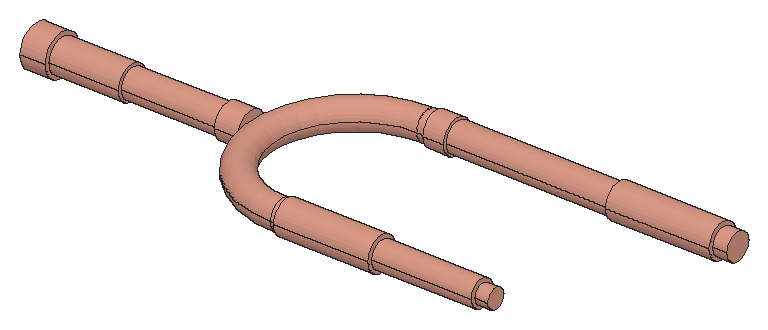
Revit family "outputfile", category 配管付属品, Revit 2024
Family settings
  丸型コネクタ寸法 = 半径を使用
  パーツ タイプ = 標準
  OmniClass 番号 = 23.65.55.00
  OmniClass タイトル = Distribution of Supplied Liquids/Gases
  作業面ベース = いいえ
  常に垂直 = はい
  ロード時にボイドで切り取り = いいえ
  共有 = いいえ
Parameters (values of type "KHRP24B72T")
  Description = ""
  製造元 = "Daikin"
  書き出し IFC クラス(タイプ) = "IfcPipeFittingType"
  定義済み IFC タイプ(タイプ) = "JUNCTION"
  Cost = 0
  Type Comments = ""
  Keynote = ""
  Type Image = (empty or 0)
  Assembly Code = ""
  switch_StraightPipe_Reducer2 [instance] = if(Is_StraightPipe Reducer = 1, 1 = 1, 1 = 0)  # no
  switch_StraightPipe1 [instance] = if(number_StraightPipe = 0, 1 = 0, 1 = 1)  # yes
  switch_Inlet pipe1 [instance] = if(number_InletPipe = 0, 1 = 0, 1 = 1)  # yes
  switch_BranchPipe1 [instance] = if(number_BranchPipe = 0, 1 = 0, 1 = 1)  # yes
  mm⇔inch [instance] = yes
  l_dividePipe2 [instance] = size_lookup(table_Inlet, "L_devidePipe2", 45.9 mm, モデル)  # 47.8 mm
  l_dividePipe0 = 5.63 mm
  l_StraightPipe000 [instance] = if(l_StraightPipe0 = 70.92 mm, l_StraightPipe00 + l_StraightPipe0, 0.0 mm)  # 0.0 mm
  l_StraightPipe00 = 9.19 mm  # constant formula
  l_InletPipe000 [instance] = if(l_InletPipe2 = 2.0 mm, 0.0 mm, l_InletPipe2)  # 11.0 mm
  l_InletPipe00 = 9.84 mm
  l_BranchPipe_Straight2 [instance] = size_lookup(table_BranchPipe, "L_offsetPipe2", 2.0 mm, モデル)  # 2.0 mm
  l_BranchPipe_Straight1 [instance] = size_lookup(table_BranchPipe, "L_offsetPipe1", 2.0 mm, モデル)  # 2.0 mm
  URL = ""
  O.D_OutletPipe [instance] = I.D_OutletPipe + 2.0 mm  # 12.7 mm
  I.D_InletPipe00 = 12.8 mm
  既定の高さ = 0.0 mm
  モデル = "KHRP24B72T"
  table_StraightPipe [instance] = if(mm⇔inch, "Refnet Joint_KHRP24B-T_Liquid_StraightPipe", "Refnet Joint_KHRP24B-T_Liquid_StraightPipe_inch")  # "Refnet Joint_KHRP24B-T_Liquid_StraightPipe"
  table_BranchPipe [instance] = if(mm⇔inch, "Refnet Joint_KHRP24B-T_Liquid_BranchPipe", "Refnet Joint_KHRP24B-T_Liquid_BranchPipe_inch")  # "Refnet Joint_KHRP24B-T_Liquid_BranchPipe"
  table_Inlet [instance] = if(mm⇔inch, "Refnet Joint_KHRP24B-T_Liquid_Inlet", "Refnet Joint_KHRP24B-T_Liquid_Inlet_inch")  # "Refnet Joint_KHRP24B-T_Liquid_Inlet"
  switch_StraightPipe_Reducer1 [instance] = StraightPipe_Liquid_ActualDiameter = 25.4 mm  # no
  switch_StraightPipe3 [instance] = if(number_StraightPipe = 3, 1 = 1, 1 = 0)  # yes
  switch_StraightPipe2 [instance] = if(number_StraightPipe < 2, 1 = 0, 1 = 1)  # yes
  switch_BranchPipe_Reducer [instance] = if(Is_BranchPipe Reducer = 1, 1 = 1, 1 = 0)  # no
  switch_BranchPipe3 [instance] = if(number_BranchPipe = 3, 1 = 1, 1 = 0)  # yes
  switch_BranchPipe2 [instance] = if(number_BranchPipe < 2, 1 = 0, 1 = 1)  # yes
  switch_Inlet pipe_Reducer [instance] = if(Is_Inlet Reducer = 1, 1 = 1, 1 = 0)  # no
  switch_Inlet pipe3 [instance] = if(number_InletPipe = 3, 1 = 1, 1 = 0)  # no
  switch_Inlet pipe2 [instance] = if(number_InletPipe < 2, 1 = 0, 1 = 1)  # yes
  Uniclass2015Version = "Products v1.31"
  Uniclass2015Title = "Copper pipe fittings"
  Uniclass2015Code = "Pr_65_52_63_18"
  StraightPipe_Liquid_ActualDiameter [instance] = 9.5 mm
  Material_Piping = DAIKIN_Copper_Pipe
  Material_Insulation = DAIKIN_White_Insulation
  lw_Insulation [instance] = size_lookup(table_Inlet, "lw_Insulation", 57.3 mm, モデル)  # 56.87 mm
  Unit Type = "KHRP24B-T_Liquid"
  Tag No. [instance] = ""
  StraightPipe_Liquid_Status [instance] = size_lookup(table_StraightPipe, "Information", "The connected pipe size is not available.", モデル, StraightPipe_Liquid_ActualDiameter)  # "Default connector size is used."
  Link_Nested Family [instance] = ""
  Inlet_Liquid_Actual Diameter [instance] = 15.9 mm
  IfcVersion = ""
  IfcExportType = "JUNCTION"
  IfcExportAs = "IfcPipeFittingType"
  BranchPipe_Liquid_Status [instance] = size_lookup(table_BranchPipe, "Information", "The connected pipe size is not available.", モデル, BranchPipe_Liquid_ActualDiameter)  # "Default connector size is used."
  Inlet_Liquid_Status [instance] = size_lookup(table_Inlet, "Information", "The connected pipe size is not available.", モデル, Inlet_Liquid_Actual Diameter)  # "Default connector size is used."
  Series = "Refnet Joint"
  r_StraightPipe_Connector [instance] = StraightPipe_Liquid_ActualDiameter / 2  # 4.75 mm
  r_BranchPipe_Connector [instance] = BranchPipe_Liquid_ActualDiameter / 2  # 3.2 mm
  r_Inlet_Connector [instance] = Inlet_Liquid_Actual Diameter / 2  # 7.95 mm
  number_StraightPipe [instance] = size_lookup(table_StraightPipe, "pipeNumber", 2, モデル, StraightPipe_Liquid_ActualDiameter)  # 3
  number_BranchPipe [instance] = size_lookup(table_BranchPipe, "pipeNumber", 2, モデル, BranchPipe_Liquid_ActualDiameter)  # 3
  number_InletPipe [instance] = size_lookup(table_Inlet, "pipeNumber", 1, モデル, Inlet_Liquid_Actual Diameter)  # 2
  l_BranchPipe connector [instance] = size_lookup(table_BranchPipe, "Length", 51.5 mm, モデル, BranchPipe_Liquid_ActualDiameter)  # 91.37 mm
  l_inlet connector [instance] = size_lookup(table_Inlet, "Length", 46.7 mm, モデル, Inlet_Liquid_Actual Diameter)  # 93.83 mm
  l_dividePipe1 [instance] = size_lookup(table_Inlet, "L_devidePipe1", 86.2 mm, モデル)  # 49.17 mm
  l_StraightPipeReducer [instance] = size_lookup(table_StraightPipe, "L_Reducer", 2.0 mm, モデル, StraightPipe_Liquid_ActualDiameter)  # 2.0 mm
  l_StraightPipe3 [instance] = size_lookup(table_StraightPipe, "L_Pipe3", 2.0 mm, モデル)  # 6.6 mm
  l_StraightPipe2 [instance] = size_lookup(table_StraightPipe, "L_Pipe2", 6.0 mm, モデル)  # 45.3 mm
  l_StraightPipe1 [instance] = size_lookup(table_StraightPipe, "L_Pipe1", 45.2 mm, モデル)  # 71.0 mm
  l_StraightPipe0 [instance] = size_lookup(table_StraightPipe, "L_Pipe0", 2.0 mm, モデル)  # 9.1 mm
  l_StraightPipe connector [instance] = size_lookup(table_StraightPipe, "Length", 51.2 mm, モデル, StraightPipe_Liquid_ActualDiameter)  # 132.0 mm
  l_BranchPipe Reducer [instance] = size_lookup(table_BranchPipe, "L_Reducer", 2.0 mm, モデル, BranchPipe_Liquid_ActualDiameter)  # 2.0 mm
  l_BranchPipe3 [instance] = size_lookup(table_BranchPipe, "L_Pipe3", 2.0 mm, モデル)  # 6.0 mm
  l_BranchPipe2 [instance] = size_lookup(table_BranchPipe, "L_Pipe2", 6.0 mm, モデル)  # 44.0 mm
  l_BranchPipe1 [instance] = size_lookup(table_BranchPipe, "L_Pipe1", 45.5 mm, モデル)  # 41.37 mm
  l_BranchPipe0 [instance] = size_lookup(table_BranchPipe, "L_Pipe0", 2.0 mm, モデル)  # 2.0 mm
  l_InletReducer [instance] = size_lookup(table_Inlet, "L_Reducer", 2.0 mm, モデル, Inlet_Liquid_Actual Diameter)  # 2.0 mm
  l_InletPipe3 [instance] = size_lookup(table_Inlet, "L_Pipe3", 2.0 mm, モデル)  # 2.0 mm
  l_InletPipe2 [instance] = size_lookup(table_Inlet, "L_Pipe2", 2.0 mm, モデル)  # 11.0 mm
  l_InletPipe1 [instance] = size_lookup(table_Inlet, "L_Pipe1", 8.2 mm, モデル)  # 30.89 mm
  l_InletPipe0 [instance] = size_lookup(table_Inlet, "L_Pipe0", 29.8 mm, モデル)  # 42.1 mm
  center_StraightPipe [instance] = size_lookup(table_StraightPipe, "center_Pipe", 40.0 mm, モデル)  # 40.0 mm
  center_BranchPipe [instance] = size_lookup(table_BranchPipe, "center_OffsetPipe", 40.0 mm, モデル)  # 40.0 mm
  StraightPipe_Liquid_AvailableDiameter [instance] = size_lookup(table_StraightPipe, "sizeVariation", "", モデル)  # "9.5/12.7/15.9mm"
  BranchPipe_Liquid_AvailableDiameter [instance] = size_lookup(table_BranchPipe, "sizeVariation", "", モデル)  # "6.4/9.5/12.7mm"
  Inlet_Liquid_Available Diameter [instance] = size_lookup(table_Inlet, "sizeVariation", "", モデル)  # "12.7/15.9/19.1mm"
  O.D_StraightPipe Reducer [instance] = size_lookup(table_StraightPipe, "O.D_reducer", 2.0 mm, モデル, StraightPipe_Liquid_ActualDiameter)  # 2.0 mm
  O.D_Offset Outlet Reducer [instance] = size_lookup(table_BranchPipe, "O.D_reducer", 2.0 mm, モデル, BranchPipe_Liquid_ActualDiameter)  # 2.0 mm
  O.D_Inlet Reducer [instance] = size_lookup(table_Inlet, "O.D_reducer", 2.0 mm, モデル, Inlet_Liquid_Actual Diameter)  # 2.0 mm
  Is_StraightPipe Reducer [instance] = size_lookup(table_StraightPipe, "IsReducer", 0, モデル, StraightPipe_Liquid_ActualDiameter)  # 0
  Is_BranchPipe Reducer [instance] = size_lookup(table_BranchPipe, "IsReducer", 0, モデル, BranchPipe_Liquid_ActualDiameter)  # 0
  Is_Inlet Reducer [instance] = size_lookup(table_Inlet, "IsReducer", 0, モデル, Inlet_Liquid_Actual Diameter)  # 0
  BranchPipe_Liquid_ActualDiameter [instance] = 6.4 mm
  Attach_Insulation [instance] = no
  I.D_StraightPipe3 [instance] = size_lookup(table_StraightPipe, "I.D_PipeSize3", 2.0 mm, モデル)  # 9.5 mm
  I.D_StraightPipe2 [instance] = size_lookup(table_StraightPipe, "I.D_PipeSize2", 6.4 mm, モデル)  # 12.7 mm
  I.D_StraightPipe1 [instance] = size_lookup(table_StraightPipe, "I.D_PipeSize1", 9.5 mm, モデル)  # 10.7 mm
  I.D_StraightPipe0 [instance] = size_lookup(table_StraightPipe, "I.D_PipeSize0", 2.0 mm, モデル)  # 12.4 mm
  I.D_BranchPipe3 [instance] = size_lookup(table_BranchPipe, "I.D_PipeSize3", 2.0 mm, モデル)  # 6.4 mm
  I.D_BranchPipe2 [instance] = size_lookup(table_BranchPipe, "I.D_PipeSize2", 6.4 mm, モデル)  # 9.5 mm
  I.D_BranchPipe1 [instance] = size_lookup(table_BranchPipe, "I.D_PipeSize1", 9.5 mm, モデル)  # 12.7 mm
  I.D_BranchPipe0 [instance] = size_lookup(table_BranchPipe, "I.D_PipeSize0", 2.0 mm, モデル)  # 2.0 mm
  I.D_Straight Reducer [instance] = size_lookup(table_StraightPipe, "I.D_reducer", 2.0 mm, モデル, StraightPipe_Liquid_ActualDiameter)  # 2.0 mm
  I.D_OutletPipe [instance] = size_lookup(table_Inlet, "I.D_OutletPipeSize", 7.5 mm, モデル, Inlet_Liquid_Actual Diameter)  # 10.7 mm
  I.D_Branch Reducer [instance] = size_lookup(table_BranchPipe, "I.D_reducer", 2.0 mm, モデル, BranchPipe_Liquid_ActualDiameter)  # 2.0 mm
  I.D_Inlet Reducer [instance] = size_lookup(table_Inlet, "I.D_reducer", 2.0 mm, モデル, Inlet_Liquid_Actual Diameter)  # 2.0 mm
  I.D_InletPipe3 [instance] = size_lookup(table_Inlet, "I.D_PipeSize3", 2.0 mm, モデル)  # 2.0 mm
  I.D_InletPipe2 [instance] = size_lookup(table_Inlet, "I.D_PipeSize2", 2.0 mm, モデル)  # 15.9 mm
  I.D_InletPipe1 [instance] = size_lookup(table_Inlet, "I.D_PipeSize1", 9.5 mm, モデル)  # 12.7 mm
  I.D_InletPipe0 [instance] = size_lookup(table_Inlet, "I.D_PipeSize0", 7.5 mm, モデル)  # 10.7 mm
Reference planes
  plane 1 "Center (Front/Back)": y = 0
  plane 2: z = 0
  plane 3 "base_left": x = 0
  plane 4: x = 43.19
  plane 5: x = 85.29
  plane 6: x = 95.13
  plane 7 "l_dividePipe1": x = 144.3
  plane 8 "center_straight outlet": y = 40
  plane 9 "center2_offset outlet": y = -40
  plane 10: x = 276.3
  plane 11: x = 153.4
  plane 12: x = 224.4
  plane 13: x = 184.3
  plane 14: x = 228.3
  plane 15: x = 269.7
  plane 16: x = 234.3
  plane 17 "Reducer_straightoutlet": x = 234.3
  plane 18 "connector": x = 276.3
  plane 19 "Inlet_connector": x = 1.3
  plane 20 "Left_Insulation": x = 38.26
  plane 21: x = 100.76
  plane 22 "l_dividePipe2": x = 142.93
  plane 23: x = 140.76
  plane 24 "2": x = 12.3
  plane 25: x = 129.01
  plane 26: x = 1.3
Forms (mm)
  Sweep 1, solid, material "DAIKIN_Copper_Pipe" <- "Material_Piping"
    path origin (0, 0, 0) x (1, 0, 0) y (0, 1, 0)
      loop
        line (142.93, -40) -> (140.76, -40)
        arc (140.76, -40) -> (100.76, 0) -> (140.76, 40) r 40
        line (140.76, 40) -> (144.3, 40)
    profile origin (142.53, 40, 0) x (0, 1, 0) y (0, 0, 1)
      loop
        circle (0, 0) r 6.35
Dimensions and locks
  "l_InletPipe1": plane 24 "2" to plane 4
  "l_InletPipe0": plane 4 to plane 5
  "l_InletPipe00": plane 5 to plane 6
  "center_StraightPipe": plane 1 "Center (Front/Back)" to plane 8 "center_straight outlet"
  "center_BranchPipe": plane 9 "center2_offset outlet" to plane 1 "Center (Front/Back)"
  "l_dividePipe1": plane 6 to plane 7 "l_dividePipe1"
  "l_BranchPipe2": plane 13 to plane 14
  "l_StraightPipe1": plane 11 to plane 12
  "l_StraightPipe2": plane 12 to plane 15
  "l_BranchPipe3": plane 14 to plane 16
  "l_BranchPipe connector": plane 22 "l_dividePipe2" to plane 17 "Reducer_straightoutlet"
  "l_StraightPipe connector": plane 7 "l_dividePipe1" to plane 18 "connector"
  "l_inlet connector": plane 19 "Inlet_connector" to plane 6
  "lw_Insulation": plane 20 "Left_Insulation" to plane 6
  "l_dividePipe0": plane 6 to plane 21
  "l_dividePipe2": plane 6 to plane 22 "l_dividePipe2"
  "l_BranchPipe1": plane 22 "l_dividePipe2" to plane 13
  "center_StraightPipe": plane 21 to plane 23
  "l_InletPipe2": plane 26 to plane 24 "2"
  "l_StraightPipe0": plane 7 "l_dividePipe1" to plane 11
  "l_StraightPipe3": plane 15 to plane 10
  "center_StraightPipe": radius of Sweep 1 sketch curve
  "O.D_OutletPipe": diameter of Sweep 1 sketch curve
  aligned and locked: level to plane 2
  aligned and locked: plane 6 to nested 1
  aligned and locked: plane 1 "Center (Front/Back)" to nested 1
  aligned and locked: plane 8 "center_straight outlet" to nested 2
  aligned and locked: nested 2 to plane 7 "l_dividePipe1"
  aligned and locked: plane 9 "center2_offset outlet" to nested 3
  aligned and locked: nested 4 to plane 1 "Center (Front/Back)"
  aligned and locked: nested 5 to plane 9 "center2_offset outlet"
  aligned and locked: plane 18 "connector" to nested 6
  aligned and locked: nested 6 to plane 8 "center_straight outlet"
  aligned and locked: nested 4 to plane 19 "Inlet_connector"
  aligned and locked: plane 17 "Reducer_straightoutlet" to nested 5
  aligned and locked: plane 1 "Center (Front/Back)" to nested 7
  aligned and locked: plane 20 "Left_Insulation" to nested 7
  aligned and locked: plane 1 "Center (Front/Back)" to Sweep 1 sketch curve
  aligned and locked: plane 7 "l_dividePipe1" to Sweep 1 sketch curve
  aligned and locked: plane 23 to Sweep 1 sketch curve
  aligned and locked: plane 22 "l_dividePipe2" to nested 3
  aligned and locked: nested 8 to plane 8 "center_straight outlet"
  aligned and locked: plane 25 to nested 8
  aligned and locked: plane 22 "l_dividePipe2" to Sweep 1 sketch curve
  aligned and locked: nested 9 to plane 6
  aligned and locked: plane 1 "Center (Front/Back)" to nested 9
  aligned and locked: nested 9 to plane 5
  aligned and locked: plane 2 to nested 9
  aligned and locked: plane 1 "Center (Front/Back)" to nested 10
  aligned and locked: nested 10 to plane 5
  aligned and locked: plane 4 to nested 10
  aligned and locked: plane 1 "Center (Front/Back)" to nested 11
  aligned and locked: plane 4 to nested 11
  aligned and locked: plane 24 "2" to nested 11
  aligned and locked: plane 24 "2" to nested 12
  aligned and locked: plane 1 "Center (Front/Back)" to nested 12
  aligned and locked: plane 26 to nested 12
  aligned and locked: nested 13 to plane 9 "center2_offset outlet"
  aligned and locked: plane 22 "l_dividePipe2" to nested 13
  aligned and locked: plane 13 to nested 13
  aligned and locked: nested 14 to plane 9 "center2_offset outlet"
  aligned and locked: plane 13 to nested 14
  aligned and locked: plane 14 to nested 14
  aligned and locked: nested 15 to plane 9 "center2_offset outlet"
  aligned and locked: plane 16 to nested 15
  aligned and locked: plane 14 to nested 15
  aligned and locked: nested 16 to plane 8 "center_straight outlet"
  aligned and locked: nested 16 to plane 7 "l_dividePipe1"
  aligned and locked: plane 11 to nested 16
  aligned and locked: nested 17 to plane 8 "center_straight outlet"
  aligned and locked: plane 11 to nested 17
  aligned and locked: plane 12 to nested 17
  aligned and locked: plane 12 to nested 18
  aligned and locked: nested 18 to plane 8 "center_straight outlet"
  aligned and locked: plane 15 to nested 18
  aligned and locked: nested 19 to plane 8 "center_straight outlet"
  aligned and locked: plane 15 to nested 19
  aligned and locked: plane 10 to nested 19
Automatic sketch dimensions
  Sweep 1 sketch curve to level = 0.0 mm
  Sweep 1 sketch curve to profile plane = 0.0 mm
Nested families
  nested 1: "daikin_connector_rotate2" at (95.13, 0, 0) x (0, -1, 0) z (0, 0, 1), length <- "l_inlet connector", type "daikin_connector_rotate2"
    with radius 5.0 mm, length 93.83 mm, angle_vertical 90.00°, show_face no, locaton_mark no
  nested 2: "daikin_connector_rotate2" at (144.3, 40, 0) x (0, 1, 0) z (0, 0, 1), length <- "l_StraightPipe connector", type "daikin_connector_rotate2"
    with radius 5.0 mm, length 132.0 mm, angle_vertical 90.00°, show_face no, locaton_mark no
  nested 3: "daikin_connector_rotate2" at (142.93, -40, 0) x (0, 1, 0) z (0, 0, 1), length <- "l_BranchPipe connector", type "daikin_connector_rotate2"
    with radius 5.0 mm, length 91.37 mm, angle_vertical 90.00°, show_face no, locaton_mark no
  nested 4: "daikin_Pipe_reducer" at (2.3, 0, 0) x (-1, 0, 0) z (0, 0, 1), display <- "switch_Inlet pipe_Reducer", length_Pipe <- "l_InletReducer", I.D_Pipe1 <- "I.D_Inlet Reducer", O.D_Pipe2 <- "O.D_Inlet Reducer", type "*"
    with length_Pipe 2.0 mm, display no, O.D_Pipe2 2.0 mm, O.D_Pipe1 4.0 mm, I.D_Pipe2 0.0 mm, I.D_Pipe1 2.0 mm
  nested 5: "daikin_Pipe_reducer" at (233.3, -40, 0), I.D_Pipe1 <- "I.D_Branch Reducer", O.D_Pipe2 <- "O.D_Offset Outlet Reducer", length_Pipe <- "l_BranchPipe Reducer", display <- "switch_BranchPipe_Reducer", type "*"
    with length_Pipe 2.0 mm, display no, O.D_Pipe2 2.0 mm, O.D_Pipe1 4.0 mm, I.D_Pipe2 0.0 mm, I.D_Pipe1 2.0 mm
  nested 6: "daikin_Pipe_reducer" at (275.3, 40, 0), I.D_Pipe1 <- "I.D_Straight Reducer", O.D_Pipe2 <- "O.D_StraightPipe Reducer", length_Pipe <- "l_StraightPipeReducer", display <- "switch_StraightPipe_Reducer2", type "*"
    with length_Pipe 2.0 mm, display no, O.D_Pipe2 2.0 mm, O.D_Pipe1 4.0 mm, I.D_Pipe2 0.0 mm, I.D_Pipe1 2.0 mm
  nested 7: "daikin_Insulation_RefnetJoint" at (38.26, 0, 0), I.D_Outlet PipeSize <- "I.D_OutletPipe", type "*"
    with h 42.7 mm, I.D_Outlet PipeSize 10.7 mm, w_Insulation2 75.11 mm, w_Insulation1 39.89 mm, r_Insulation 69.0 mm, d_Insulation3 22.0 mm, d_Insulation2 58.0 mm, d_Insulation1 138.0 mm
  nested 8: "daikin_Pipe_reducer" at (128.01, 40, 0), display <- "switch_StraightPipe_Reducer1", length_Pipe <- "l_StraightPipeReducer", type "*"
    with length_Pipe 2.0 mm, display no, O.D_Pipe2 19.1 mm, O.D_Pipe1 24.2 mm, I.D_Pipe2 17.1 mm, I.D_Pipe1 22.2 mm
  nested 9: "daikin_Pipe" at (90.21, 0, 0), I.D_Pipe <- "I.D_InletPipe00", type "*"
    with length_Pipe 9.84 mm, display yes, O.D_Pipe 14.8 mm, I.D_Pipe 12.8 mm
  nested 10: "daikin_Pipe" at (64.24, 0, 0), I.D_Pipe <- "I.D_InletPipe0", type "*"
    with length_Pipe 42.1 mm, display yes, O.D_Pipe 12.7 mm, I.D_Pipe 10.7 mm
  nested 11: "daikin_Pipe" at (27.745, 0, 0), I.D_Pipe <- "I.D_InletPipe1", type "*"
    with length_Pipe 30.89 mm, display yes, O.D_Pipe 14.7 mm, I.D_Pipe 12.7 mm
  nested 12: "daikin_Pipe" at (6.8, 0, 0), I.D_Pipe <- "I.D_InletPipe2", display <- "switch_Inlet pipe2", type "*"
    with length_Pipe 11.0 mm, display yes, O.D_Pipe 17.9 mm, I.D_Pipe 15.9 mm
  nested 13: "daikin_Pipe" at (163.615, -40, 0), I.D_Pipe <- "I.D_BranchPipe1", type "*"
    with length_Pipe 41.37 mm, display yes, O.D_Pipe 14.7 mm, I.D_Pipe 12.7 mm
  nested 14: "daikin_Pipe" at (206.3, -40, 0), I.D_Pipe <- "I.D_BranchPipe2", display <- "switch_BranchPipe2", type "*"
    with length_Pipe 44.0 mm, display yes, O.D_Pipe 11.5 mm, I.D_Pipe 9.5 mm
  nested 15: "daikin_Pipe" at (231.3, -40, 0), I.D_Pipe <- "I.D_BranchPipe3", display <- "switch_BranchPipe3", type "*"
    with length_Pipe 6.0 mm, display yes, O.D_Pipe 8.4 mm, I.D_Pipe 6.4 mm
  nested 16: "daikin_Pipe" at (148.85, 40, 0), I.D_Pipe <- "I.D_StraightPipe0", type "*"
    with length_Pipe 9.1 mm, display yes, O.D_Pipe 14.4 mm, I.D_Pipe 12.4 mm
  nested 17: "daikin_Pipe" at (188.9, 40, 0), I.D_Pipe <- "I.D_StraightPipe1", display <- "switch_StraightPipe1", type "*"
    with length_Pipe 71.0 mm, display yes, O.D_Pipe 12.7 mm, I.D_Pipe 10.7 mm
  nested 18: "daikin_Pipe" at (247.05, 40, 0), I.D_Pipe <- "I.D_StraightPipe2", display <- "switch_StraightPipe2", type "*"
    with length_Pipe 45.3 mm, display yes, O.D_Pipe 14.7 mm, I.D_Pipe 12.7 mm
  nested 19: "daikin_Pipe" at (273, 40, 0), I.D_Pipe <- "I.D_StraightPipe3", display <- "switch_StraightPipe3", type "*"
    with length_Pipe 6.6 mm, display yes, O.D_Pipe 11.5 mm, I.D_Pipe 9.5 mm
Connectors
  piping at (1.3, 0, 0), diameter 15.9, driven by "r_Inlet_Connector"
    settings: on nested 1, index 1, connector inside diameter 609.6 mm, connector length 0.0 mm, flow factor 0, pipe flow 0.00 m³/h, pressure drop 0.0 Pa, fitting loss kfactor 0, connector angle 0.00°, fixture units 0, engagement length 0.0 mm, angle of deflection 0.00°, flow configuration 0, flow direction 1, fitting loss method 0, system type 29, joint type 0, gender type 0, connector reference index -1, connector utility 0, adjustable connector no, is connector primary yes, connector description "Refnet Joint_Inlet_Liquid"
  piping at (234.3, -40, 0), diameter 6.4, driven by "r_BranchPipe_Connector"
    settings: on nested 3, index 2, connector inside diameter 609.6 mm, connector length 0.0 mm, flow factor 0, pipe flow 0.00 m³/h, pressure drop 0.0 Pa, fitting loss kfactor 0, connector angle 0.00°, fixture units 0, engagement length 0.0 mm, angle of deflection 0.00°, flow configuration 0, flow direction 2, fitting loss method 0, system type 29, joint type 0, gender type 0, connector reference index -1, connector utility 0, adjustable connector no, is connector primary no, connector description "Refnet Joint_Outlet Branch_Liquid"
  piping at (276.3, 40, 0), diameter 9.5, driven by "r_StraightPipe_Connector"
    settings: on nested 2, index 3, connector inside diameter 609.6 mm, connector length 0.0 mm, flow factor 0, pipe flow 0.00 m³/h, pressure drop 0.0 Pa, fitting loss kfactor 0, connector angle 0.00°, fixture units 0, engagement length 0.0 mm, angle of deflection 0.00°, flow configuration 0, flow direction 2, fitting loss method 0, system type 29, joint type 0, gender type 0, connector reference index -1, connector utility 0, adjustable connector no, is connector primary no, connector description "Refnet Joint_Outlet Straight_Liquid"
Definition of nested family "daikin_Pipe"
  Parameters (values of type "*")
    Default Elevation = 0.0 mm
    material = none
    length_Pipe [instance] = 150.0 mm
    display [instance] = yes
    O.D_Pipe [instance] = I.D_Pipe + 2.0 mm  # 27.0 mm
    I.D_Pipe [instance] = 25.0 mm
  Reference planes
    plane 1 "Center (Front/Back)": y = 0
    plane 2 "center(vertical)": z = 0
    plane 3 "Center (Left/Right)": x = 0
    plane 4 "left": x = -75
    plane 5 "right": x = 75
  Forms (mm)
    Extrusion 1, solid, material <- "material", visible <- "display"
      sketch origin (0, 0, 0) x (0, 1, 0) y (0, 0, 1)
        loop
          circle (0, 0) r 13.5
      from -75 to 75
  Dimensions and locks
    equal spacing: plane 4 "left", plane 3 "Center (Left/Right)", plane 5 "right"
    "length_Pipe": plane 4 "left" to plane 5 "right"
    "O.D_Pipe": diameter of Extrusion 1 sketch curve
    aligned and locked: level to plane 2 "center(vertical)"
    aligned and locked: plane 2 "center(vertical)" to Extrusion 1 sketch curve
    aligned and locked: plane 1 "Center (Front/Back)" to Extrusion 1 sketch curve
    aligned and locked: plane 5 "right" to Extrusion 1
    aligned and locked: Extrusion 1 to plane 4 "left"
Definition of nested family "daikin_connector_rotate2"
  Parameters (values of type "daikin_connector_rotate2")
    show_face = yes
    radius [instance] = 10.0 mm
    locaton_mark = yes
    length [instance] = 600.0 mm
    d_surface = 10.0 mm
    angle_vertical [instance] = 90.00°
    Default Elevation = 0.0 mm
  Reference planes
    plane 1 "Center (Front/Back)": y = 0
    plane 2: z = 0
    plane 3 "Center (Left/Right)": x = 0
  Forms (mm)
    Extrusion 1, solid, visible <- "show_face"
      sketch origin (0, -600, 0) x (1, 0, 0) y (0, 0, 1)
        loop
          circle (0, 0) r 10
      from 0 to -10
  Lines and regions (mm)
    reference lines
      curve 1: line (0, 0, 0) -> (0, -600, 0)
    symbolic lines, visible <- "locaton_mark"
      curve 2: circle (0, 0, 0) r 5 normal (0, 0, 1)
    model lines, visible <- "show_face"
      curve 3: line (0, 0, 0) -> (0, -600, 0)
  Dimensions and locks
    "length": curve 1 to curve 1
    "length": curve 3 to curve 3
    "d_surface": Extrusion 1 to Extrusion 1
    "radius": radius of Extrusion 1 sketch curve
    "angle_vertical": angle curve 1 to plane 1 "Center (Front/Back)"
    "angle_vertical": angle curve 3 to plane 1 "Center (Front/Back)"
    aligned and locked: level to plane 2
    aligned and locked: plane 1 "Center (Front/Back)" to curve 1
    aligned and locked: plane 2 to curve 1
    aligned and locked: plane 1 "Center (Front/Back)" to curve 2
    aligned and locked: plane 3 "Center (Left/Right)" to curve 2
    aligned and locked: plane 1 "Center (Front/Back)" to curve 3
    aligned and locked: plane 2 to curve 3
    aligned and locked: Extrusion 1 to Extrusion 1
  Automatic sketch dimensions
    Extrusion 1 sketch curve to level = 0.0 mm
    Extrusion 1 sketch curve to plane 3 "Center (Left/Right)" = 0.0 mm
    radius of curve 2 = 5.0 mm
Definition of nested family "daikin_Pipe_reducer"
  Parameters (values of type "*")
    Default Elevation = 0.0 mm
    material = none
    length_Pipe [instance] = 250.0 mm
    display [instance] = yes
    O.D_Pipe2 [instance] = 19.1 mm
    O.D_Pipe1 [instance] = I.D_Pipe1 + 2.0 mm  # 24.2 mm
    I.D_Pipe2 [instance] = O.D_Pipe2 - 2.0 mm  # 17.1 mm
    I.D_Pipe1 [instance] = 22.2 mm
  Reference planes
    plane 1 "Center (Front/Back)": y = 0
    plane 2 "center(vertical)": z = 0
    plane 3 "Center (Left/Right)": x = 0
    plane 4 "connection": x = -125
    plane 5 "right": x = 113
    plane 6: x = 125
  Forms (mm)
    Extrusion 1, solid, material <- "material", visible <- "display"
      sketch origin (0, 0, 0) x (0, 1, 0) y (0, 0, 1)
        loop
          circle (0, 0) r 9.55
      from -125 to 113
    Extrusion 2, solid, material <- "material", visible <- "display"
      sketch origin (0, 0, 0) x (0, 1, 0) y (0, 0, 1)
        loop
          circle (0, 0) r 12.1
      from 113 to 125
  Dimensions and locks
    locked: plane 5 "right" to plane 6 at 12
    "length_Pipe": plane 4 "connection" to plane 6
    equal spacing: plane 4 "connection", plane 3 "Center (Left/Right)", plane 6
    "O.D_Pipe2": diameter of Extrusion 1 sketch curve
    "O.D_Pipe1": diameter of Extrusion 2 sketch curve
    aligned and locked: level to plane 2 "center(vertical)"
    aligned and locked: plane 2 "center(vertical)" to Extrusion 1 sketch curve
    aligned and locked: plane 1 "Center (Front/Back)" to Extrusion 1 sketch curve
    aligned and locked: plane 5 "right" to Extrusion 1
    aligned and locked: Extrusion 1 to plane 4 "connection"
    aligned and locked: plane 2 "center(vertical)" to Extrusion 2 sketch curve
    aligned and locked: plane 1 "Center (Front/Back)" to Extrusion 2 sketch curve
    aligned and locked: Extrusion 2 to plane 5 "right"
    aligned and locked: plane 6 to Extrusion 2
Definition of nested family "daikin_Insulation_RefnetJoint"
  Parameters (values of type "*")
    Default Elevation = 0.0 mm
    Model = "KHRP24B22T"
    w_Insulation3 = size_lookup(table_Insulation, "w_Insulation3", 16.0 mm, Model)  # 35.0 mm
    w_Insulation2 = size_lookup(table_Insulation, "w_Insulation2", 77.0 mm, Model)  # 73.82 mm
    w_Insulation1 = size_lookup(table_Insulation, "w_Insulation1", 28.0 mm, Model)  # 41.18 mm
    table_Insulation = "Refnet Joint_KHRP24B-T_Liquid_Insulation"  # constant formula
    r_Insulation = d_Insulation1 / 2  # 67.0 mm
    material = none
    h [instance] = (I.D_Outlet PipeSize + 2.0 mm) + 30.0 mm  # 47.0 mm
    display = no
    d_Insulation3 = size_lookup(table_Insulation, "d_Insulation3", 16.0 mm, Model)  # 26.0 mm
    d_Insulation2 = size_lookup(table_Insulation, "d_Insulation2", 64.0 mm, Model)  # 54.0 mm
    d_Insulation1 = size_lookup(table_Insulation, "d_Insulation1", 144.0 mm, Model)  # 134.0 mm
    I.D_Outlet PipeSize [instance] = 15.0 mm
  Reference planes
    plane 1 "Center (Front/Back)": y = 0
    plane 2: z = 0
    plane 3 "Left": x = 0
    plane 4 "top": z = 23.5
    plane 5 "bottom": z = -23.5
    plane 6: x = 41.18
    plane 7: y = 27
    plane 8: y = -27
    plane 9: y = 67
    plane 10: y = -67
    plane 11: x = 115
    plane 12: x = 150
    plane 13: y = 13
    plane 14: y = -13
  Forms (mm)
    Extrusion 1, solid, material <- "material", visible <- "display"
      sketch origin (-2, 0, 0) x (1, 0, 0) y (0, 1, 0)
        loop
          arc (104.499, 67) -> (67.893, 56.116) -> (43.18, 27) r 67
          line (43.18, 27) -> (2, 27) -> (2, -27) -> (43.18, -27)
          arc (43.18, -27) -> (67.893, -56.116) -> (104.499, -67) r 67
          line (104.499, -67) -> (152, -67) -> (152, -13) -> (117, -13) -> (117, 13) -> (152, 13) -> (152, 67) -> (104.499, 67)
      from -23.5 to 23.5
  Dimensions and locks
    equal spacing: plane 4 "top", plane 2, plane 5 "bottom"
    "h": plane 4 "top" to plane 5 "bottom"
    "d_Insulation2": plane 7 to plane 8
    "d_Insulation1": plane 9 to plane 10
    "w_Insulation2": plane 6 to plane 11
    "w_Insulation3": plane 11 to plane 12
    "d_Insulation3": plane 13 to plane 14
    "w_Insulation1": plane 3 "Left" to plane 6
    equal spacing: plane 9, plane 1 "Center (Front/Back)", plane 10
    equal spacing: plane 7, plane 1 "Center (Front/Back)", plane 8
    equal spacing: plane 13, plane 1 "Center (Front/Back)", plane 14
    "r_Insulation": radius of Extrusion 1 sketch curve  (x2)
    aligned and locked: level to plane 2
    aligned and locked: Extrusion 1 to plane 5 "bottom"
    aligned and locked: plane 4 "top" to Extrusion 1
    aligned and locked: Extrusion 1 sketch curve to plane 10
    aligned and locked: Extrusion 1 sketch curve to plane 9
    aligned and locked: plane 7 to Extrusion 1 sketch curve
    aligned and locked: plane 8 to Extrusion 1 sketch curve
    aligned and locked: Extrusion 1 sketch curve to plane 12  (x2)
    aligned and locked: plane 13 to Extrusion 1 sketch curve
    aligned and locked: Extrusion 1 sketch curve to plane 14
    aligned and locked: Extrusion 1 sketch curve to plane 11
    aligned and locked: Extrusion 1 to plane 3 "Left"
    aligned and locked: plane 6 to Extrusion 1 sketch curve  (x2)
  Automatic sketch dimensions
    Extrusion 1 sketch curve to plane 3 "Left" = 0.0 mm
